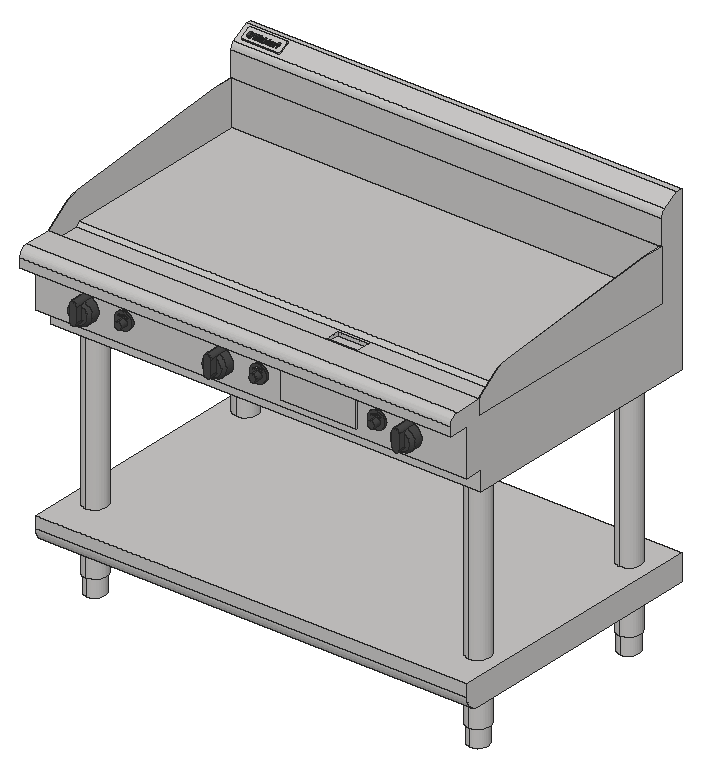
Revit family "QF_MOFFAT WALDORF_GP8120G-LS", category Specialty Equipment, Revit 2012 (continued)
Definition of nested family "GP8120G-LS-CASTERS"
  Forms (in)
    Extrusion 3, solid, material "QF_Finishes_Stainless Steel", visible <- "Show Casters"
      sketch origin (0.13094, 2.21793, 0) x (0, 1, 0) y (0, 0, 1)
        loop
          arc (0.31507, 4.78867) -> (-0.09241, 4.97284) -> (-0.5252, 5.08531) r 2.63
          line (-0.5252, 5.08531) -> (-0.54193, 5.25584) -> (-1.05793, 5.25584) -> (-1.05793, 5.55584) -> (-3.37793, 5.55584)
      from 0.78968 to 0.90247
    Extrusion 4, solid, material "QF_Finishes_Stainless Steel", visible <- "Show Casters"
      sketch origin (-1.93794, 2.21793, 0) x (0, 1, 0) y (0, 0, 1)
        loop
          line (-3.37793, 5.55584) -> (-3.37793, 5.25584) -> (-3.23369, 5.25584) -> (-0.7432, 5.03796) -> (0.2811, 4.72479) -> (0.31507, 4.78867)
          arc (0.31507, 4.78867) -> (-0.09241, 4.97284) -> (-0.5252, 5.08531) r 2.63
          line (-0.5252, 5.08531) -> (-0.54193, 5.25584) -> (-1.05793, 5.25584) -> (-1.05793, 5.55584) -> (-3.37793, 5.55584)
      from 1.02747 to 2.85669
    Revolve 5, solid, material "QF_Finishes_Stainless Steel", visible <- "Show Casters"
      sketch origin (-1.93794, 1.21343, 0) x (1, 0, 0) y (0, 0, 1)
        loop
          line (0.5843, 2.5041) -> (3.2907, 2.5041) -> (3.2907, 2.6421) -> (3.2407, 2.6921) -> (3.1807, 2.6921) -> (3.1807, 2.8278) -> (2.7025, 2.8278) -> (2.7025, 3.22009) -> (2.5625, 3.30092) -> (2.42847, 4.1291) -> (2.59375, 4.1291) -> (2.59375, 4.3791) -> (2.5625, 4.3791) -> (2.5625, 4.6291)
          arc (2.5625, 4.6291) -> (2.45267, 4.89426) -> (2.1875, 5.0041) r 0.375
          line (2.1875, 5.0041) -> (1.6875, 5.0041)
          arc (1.6875, 5.0041) -> (1.42233, 4.89426) -> (1.3125, 4.6291) r 0.375
          line (1.3125, 4.6291) -> (1.3125, 4.3791) -> (1.28125, 4.3791) -> (1.28125, 4.1291) -> (1.44653, 4.1291) -> (1.31307, 3.30443) -> (1.1725, 3.22327) -> (1.1725, 2.8278) -> (0.6943, 2.8278) -> (0.6943, 2.6921) -> (0.6343, 2.6921) -> (0.5843, 2.6421) -> (0.5843, 2.5041)
        axis (0.5843, 2.5041) -> (3.2907, 2.5041)
      angle from 0 to 360
  Cuts and joins
    joined: Extrusion 2, Extrusion 3, Extrusion 4
  Lines and regions (in)
    symbolic lines, style "SpecialityEquipmentHiddenLines", visible <- "Show Casters"
      curve 1: line (0.70901, 2.6399, 0) -> (1.79507, 2.01286, 0)
      curve 2: line (-1.79099, -1.69023, 0) -> (0.70901, 2.6399, 0)
      curve 3: line (-0.70493, -2.31727, 0) -> (-1.79099, -1.69023, 0)
      curve 4: line (1.79507, 2.01286, 0) -> (-0.70493, -2.31727, 0)
  Dimensions and locks (in)
    plane 4 "Base Height" to level = 5.90551"  (x2)
    Revolve 5 sketch curve to Revolve 5 sketch curve = 2 1/2"
    aligned and locked: level to plane 1
